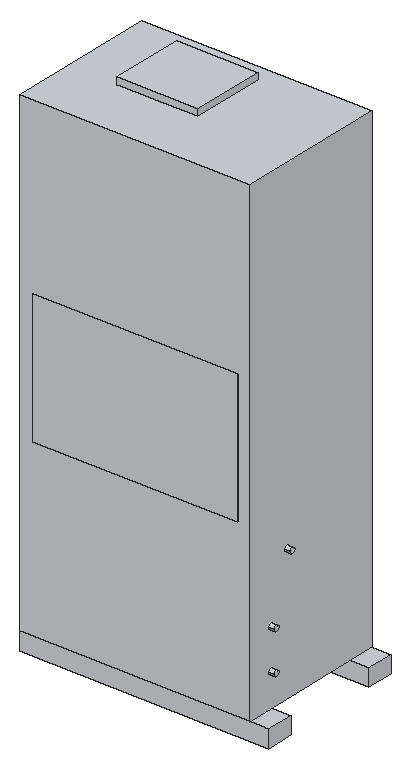
Revit family "M_Ar condicionado - Pacote vertical - Resfriado a água - 11-18kW", category Equipamento mecânico, Revit 2019
Family settings
  Cota do conector redondo = Usar raio
  Tipo de parte = Normal
  Número OmniClass = 23.75.10.24.21.27.11
  Título OmniClass = Packaged Air Conditioners
  ID de item do Seek = Air Conditioner - Vertical Packaged - Water Cooled - 11-18 kW-0000-CAN-ENU
  Com base no plano de trabalho = Não
  Sempre na vertical = Sim
  Corte com vazios quando carregada = Não
  Compartilhado = Não
  Ponto de cálculo do ambiente = Não
Parameters (values of type "18 kW")
  Voltagem = 460 V
  Queda de pressão [instance] = 44533.2 Pa
  Raio da saída = 10 mm
  Diâmetro da saída = Raio da saída * 2  # 20 mm
  Número de pólos = 3
  Material da unidade = none
  Classificação de carga = Refrigeração
  Raio da embocadura = 10 mm
  Diâmetro da embocadura = Raio da embocadura * 2  # 20 mm
  Altura 2 = (Altura do condicionador - Altura 1) / 2  # 698.5 mm
  Altura 1 = 532.9 mm
  Fluxo [instance] = 0.95 L/s
  Largura do duto = 325 mm
  Altura do duto = 300 mm
  Raio da drenagem = 10 mm
  Fluxo da drenagem [instance] = 0.0 L/s
  Largura do condicionador = 609.9 mm
  Comprimento do condicionador = 924.8 mm
  Altura do condicionador = 1929.9 mm
  C5 Deslocamento 2 = 180.4 mm
  C5 Deslocamento 1 = 614.7 mm
  C4 Deslocamento 1 = 196.4 mm
  C3 Deslocamento 2 = 330.7 mm
  C3 Deslocamento 1 = 110.5 mm
  C2 Deslocamento 2 = 162 mm
  C1 Deslocamento 2 = 137.9 mm
  C1 Deslocamento 1 = 100.1 mm
  Carga aparente = 5300 VA
  Fluxo de ar [instance] = 943.89 L/s
Types (3, lengths in mm): name | Queda de pressão | Altura 2 | Altura 1 | Fluxo | Largura do duto | Altura do duto | Largura do condicionador | Comprimento do condicionador | Altura do condicionador | C5 Deslocamento 2 | C5 Deslocamento 1 | C4 Deslocamento 1 | C3 Deslocamento 2 | C2 Deslocamento 2 | C1 Deslocamento 2 | Carga aparente | Fluxo de ar
  (no name) | 44533.2 Pa | 698.5 | 532.9 | 0.95 L/s | 325 | 300 | 609.9 | 924.8 | 1929.9 | 180.4 | 614.7 | 196.4 | 330.7 | 162 | 137.9 | 5300 VA | 943.89 L/s
  11  kW | 34073.9 Pa | 616.85 | 396.3 | 0.57 L/s | 300 | 275 | 564.9 | 810 | 1630 | 159.5 | 513.1 | 143.5 | 260.8 | 217.9 | 109.9 | 3000 VA | 566.34 L/s
  18 kW | 44533.2 Pa | 698.5 | 532.9 | 0.95 L/s | 325 | 300 | 609.9 | 924.8 | 1929.9 | 180.4 | 614.7 | 196.4 | 330.7 | 162 | 137.9 | 5300 VA | 943.89 L/s
Reference planes
  plane 1 "Centro (Frente/Trás)": y = 0
  plane 2: z = 0
  plane 3 "Centro (Esquerda/Direita)": x = 0
  plane 4: x = 924.8
  plane 5: z = 2000.004
  plane 6: y = 609.9
  plane 7: z = 70.104
  plane 8: z = 768.604
  plane 9: z = 1301.504
  plane 10: x = 50.8
  plane 11: x = 874
  plane 12: x = 1001
  plane 13: y = 109.22
  plane 14: y = 500.68
  plane 15: z = 208.004
  plane 16: z = 370.004
  plane 17: y = 100.1
  plane 18: z = 330.7
  plane 19: y = 499.4
  plane 20: x = 950.2
  plane 21: x = 196.4
  plane 22: x = 521.4
  plane 23: y = 242.082
  plane 24: y = 542.082
  plane 25: z = 2025.404
  plane 26: z = 614.7
  plane 27: y = 180.4
Forms (mm)
  Extrusion 1, solid, material <- "Material da unidade"
    sketch origin (0, 0, 0) x (1, 0, 0) y (0, 1, 0)
      loop
        line (0, 609.9) -> (0, 0) -> (924.8, 0) -> (924.8, 609.9) -> (0, 609.9)
    from 70.104 to 2000.004
  Extrusion 2, solid, material <- "Material da unidade", detail levels fine
    sketch origin (0, 0, 0) x (1, 0, 0) y (0, 0, 1)
      loop
        line (50.8, 1301.504) -> (50.8, 768.604) -> (874, 768.604) -> (874, 1301.504) -> (50.8, 1301.504)
    from -497.034 to 0
  Extrusion 3, solid, material <- "Material da unidade"
    sketch origin (0, 0, 0) x (1, 0, 0) y (0, 0, 1)
      loop
        line (0, 70.104) -> (0, 0) -> (1001, 0) -> (1001, 70.104) -> (0, 70.104)
    from -109.22 to 0
  Extrusion 4, solid, material <- "Material da unidade"
    sketch origin (0, 749.796, 0) x (1, 0, 0) y (0, 0, -1)
      loop
        line (0, -70.104) -> (1001, -70.104) -> (1001, 0) -> (0, 0) -> (0, -70.104)
    from -249.116 to -139.896
  Extrusion 5, solid, material <- "Material da unidade"
    sketch origin (0, 0, 0) x (0, 1, 0) y (0, 0, 1)
      loop
        circle (499.4, 330.7) r 12.7
    from 874 to 924.8
  Extrusion 6, solid, material <- "Material da unidade"
    sketch origin (0, 0, 0) x (0, 1, 0) y (0, 0, 1)
      loop
        circle (100.1, 208.004) r 10
    from 924.8 to 950.2
  Extrusion 7, solid, material <- "Material da unidade"
    sketch origin (0, 0, 0) x (0, 1, 0) y (0, 0, 1)
      loop
        circle (100.1, 370.004) r 10
    from 950.2 to 924.8
  Extrusion 8, solid
    sketch origin (0, 0, 0) x (1, 0, 0) y (0, 1, 0)
      loop
        line (196.4, 542.082) -> (196.4, 242.082) -> (521.4, 242.082) -> (521.4, 542.082) -> (196.4, 542.082)
    from 2000.004 to 2025.404
  Extrusion 9, solid
    sketch origin (0, 0, 0) x (0, 1, 0) y (0, 0, 1)
      loop
        circle (180.4, 614.7) r 10
    from 924.8 to 950.2
Cuts and joins
  joined: Extrusion 1, Extrusion 5, Extrusion 6, Extrusion 7
Lines and regions (mm)
  model lines
    curve 1: line (50.8, 0, 1194.924) -> (874, 0, 1194.924)
    curve 2: line (50.8, 0, 1088.344) -> (874, 0, 1088.344)
    curve 3: line (50.8, 0, 981.764) -> (874, 0, 981.764)
    curve 4: line (50.8, 0, 875.184) -> (874, 0, 875.184)
Dimensions and locks
  "Comprimento do condicionador": plane 4 to plane 3 "Centro (Esquerda/Direita)"
  "Largura do condicionador": plane 1 "Centro (Frente/Trás)" to plane 6
  locked: plane 7 to plane 2 at 70.104
  "Altura do condicionador": plane 5 to plane 7
  "Altura 2": plane 8 to plane 7
  "Altura 1": plane 9 to plane 8
  locked: plane 10 to plane 3 "Centro (Esquerda/Direita)" at 50.8
  locked: plane 4 to plane 11 at 50.8
  locked: plane 12 to plane 4 at 76.2
  locked: plane 1 "Centro (Frente/Trás)" to plane 13 at 109.22
  locked: plane 14 to plane 6 at 109.22
  "C1 Deslocamento 2": plane 15 to plane 7
  "C2 Deslocamento 2": plane 16 to plane 15
  "C1 Deslocamento 1": plane 1 "Centro (Frente/Trás)" to plane 17
  "C3 Deslocamento 2": plane 18 to plane 2
  "C3 Deslocamento 1": plane 19 to plane 6
  locked: plane 4 to plane 20 at 25.4
  equal spacing: plane 9, curve 1, curve 2, curve 3, curve 4, plane 8
  "C4 Deslocamento 1": plane 3 "Centro (Esquerda/Direita)" to plane 21
  "Largura do duto": plane 21 to plane 22
  locked: plane 24 to plane 6 at 67.818
  "Altura do duto": plane 24 to plane 23
  locked: plane 25 to plane 5 at 25.4
  "C5 Deslocamento 1": plane 26 to plane 2
  "C5 Deslocamento 2": plane 27 to plane 1 "Centro (Frente/Trás)"
  radius of Extrusion 5 sketch curve = 12.7 mm
  "Raio da embocadura": radius of Extrusion 6 sketch curve
  "Raio da saída": radius of Extrusion 7 sketch curve
  "Raio da drenagem": radius of Extrusion 9 sketch curve
  aligned and locked: plane 3 "Centro (Esquerda/Direita)" to Extrusion 1 sketch curve
  aligned and locked: plane 6 to Extrusion 1 sketch curve
  aligned and locked: plane 1 "Centro (Frente/Trás)" to Extrusion 1 sketch curve
  aligned and locked: Extrusion 1 sketch curve to plane 4
  aligned and locked: plane 5 to Extrusion 1
  aligned and locked: Extrusion 1 to plane 7
  aligned and locked: plane 10 to Extrusion 2 sketch curve
  aligned and locked: Extrusion 2 sketch curve to plane 9
  aligned and locked: plane 8 to Extrusion 2 sketch curve
  aligned and locked: Extrusion 2 sketch curve to plane 11
  aligned and locked: plane 2 to Extrusion 3 sketch curve
  aligned and locked: Extrusion 3 sketch curve to plane 7
  aligned and locked: plane 3 "Centro (Esquerda/Direita)" to Extrusion 3 sketch curve
  aligned and locked: Extrusion 3 sketch curve to plane 12
  aligned and locked: plane 1 "Centro (Frente/Trás)" to Extrusion 2
  aligned and locked: Extrusion 3 to plane 13
  aligned and locked: plane 1 "Centro (Frente/Trás)" to Extrusion 3
  aligned and locked: Extrusion 4 to plane 6
  aligned and locked: plane 14 to Extrusion 4
  aligned and locked: plane 7 to Extrusion 3
  aligned and locked: Extrusion 3 to plane 2
  aligned and locked: Extrusion 3 to plane 3 "Centro (Esquerda/Direita)"
  aligned and locked: plane 12 to Extrusion 3
  aligned and locked: plane 19 to Extrusion 5 sketch curve
  aligned and locked: plane 18 to Extrusion 5 sketch curve
  aligned and locked: plane 17 to Extrusion 6 sketch curve
  aligned and locked: plane 15 to Extrusion 6 sketch curve
  aligned and locked: plane 16 to Extrusion 7 sketch curve
  aligned and locked: plane 17 to Extrusion 7 sketch curve
  aligned and locked: plane 20 to Extrusion 7
  aligned and locked: Extrusion 7 to plane 4
  aligned and locked: plane 20 to Extrusion 6
  aligned and locked: Extrusion 6 to plane 4
  aligned and locked: plane 4 to Extrusion 5
  aligned and locked: Extrusion 5 to plane 11
  aligned and locked: plane 10 to curve 1
  aligned and locked: plane 11 to curve 1
  aligned and locked: plane 10 to curve 2
  aligned and locked: plane 11 to curve 2
  aligned and locked: plane 10 to curve 3
  aligned and locked: plane 11 to curve 3
  aligned and locked: plane 10 to curve 4
  aligned and locked: plane 11 to curve 4
  aligned and locked: plane 21 to Extrusion 8 sketch curve
  aligned and locked: Extrusion 8 sketch curve to plane 24
  aligned and locked: plane 23 to Extrusion 8 sketch curve
  aligned and locked: Extrusion 8 sketch curve to plane 22
  aligned and locked: Extrusion 8 to plane 5
  aligned and locked: plane 25 to Extrusion 8
  aligned and locked: plane 27 to Extrusion 9 sketch curve
  aligned and locked: plane 26 to Extrusion 9 sketch curve
  aligned and locked: plane 20 to Extrusion 9
  aligned and locked: Extrusion 9 to plane 4
Automatic sketch dimensions
  Extrusion 4 sketch curve to level = 0 mm
  Extrusion 4 sketch curve to plane 3 "Centro (Esquerda/Direita)" = 0 mm
  Extrusion 4 sketch curve to plane 12 = 0 mm
  Extrusion 4 sketch curve to plane 7 = 0 mm
Connectors
  piping at (950.2, 100.1, 208.004), diameter 20, driven by "Fluxo", driven by "Raio da embocadura"
    settings: on Extrusion 6, index 1, connector inside diameter 20 mm, connector length 0 mm, flow factor 0, pipe flow 0.95 L/s, pressure drop 0.0 Pa, fitting loss kfactor 0, connector angle 0.00°, fixture units 0, engagement length 0 mm, angle of deflection 0.00°, flow configuration 1, flow direction 1, fitting loss method 4, system type 7, joint type 0, gender type 0, connector reference index 2, connector utility 0, adjustable connector no, is connector primary yes, connector description "Entrada de material criogênico"
  piping at (950.2, 100.1, 370.004), diameter 20, driven by "Queda de pressão", driven by "Fluxo", driven by "Raio da saída"
    settings: on Extrusion 7, index 2, connector inside diameter 20 mm, connector length 0 mm, flow factor 0, pipe flow 0.95 L/s, pressure drop 44533.2 Pa, fitting loss kfactor 0, connector angle 0.00°, fixture units 0, engagement length 0 mm, angle of deflection 0.00°, flow configuration 1, flow direction 2, fitting loss method 4, system type 8, joint type 0, gender type 0, connector reference index 1, connector utility 0, adjustable connector no, is connector primary no, connector description "Saída de material criogênico"
  electrical at (924.8, 499.4, 330.7), driven by "Carga aparente", driven by "Voltagem", driven by "Número de pólos", driven by "Classificação de carga"
    settings: on Extrusion 5, index 3, voltage 460 V, apparent load 5300 VA, apparent load phase1 0 VA, apparent load phase2 0 VA, apparent load phase3 0 VA, power factor 0.8, load classification "Refrigeração", number of poles 3, system type 30, power factor state 1, is connector primary yes, connector utility no, sub classification motor no, connector description ""
  hvac at (358.9, 392.082, 2025.404), driven by "Fluxo de ar", driven by "Altura do duto", driven by "Largura do duto"
    settings: on Extrusion 8, index 4, duct flow 943.89 L/s, flow factor 0, pres drop 0.0 Pa, loss coef 0, conn angle 0.00°, conn width 325 mm, conn height 300 mm, conn diameter 609.6 mm, duct sys type 1, conn prof type 1, flow config 0, flow direction 2, loss method 0, conn ref index -1, conn util no, is conn primary yes, conn desc ""
  piping at (950.2, 180.4, 614.7), diameter 20, driven by "Fluxo da drenagem", driven by "Raio da drenagem"
    settings: on Extrusion 9, index 5, connector inside diameter 20 mm, connector length 0 mm, flow factor 0, pipe flow 0.0 L/s, pressure drop 0.0 Pa, fitting loss kfactor 0, connector angle 0.00°, fixture units 0, engagement length 0 mm, angle of deflection 0.00°, flow configuration 1, flow direction 2, fitting loss method 0, system type 16, joint type 0, gender type 0, connector reference index -1, connector utility 0, adjustable connector yes, is connector primary no, connector description ""
